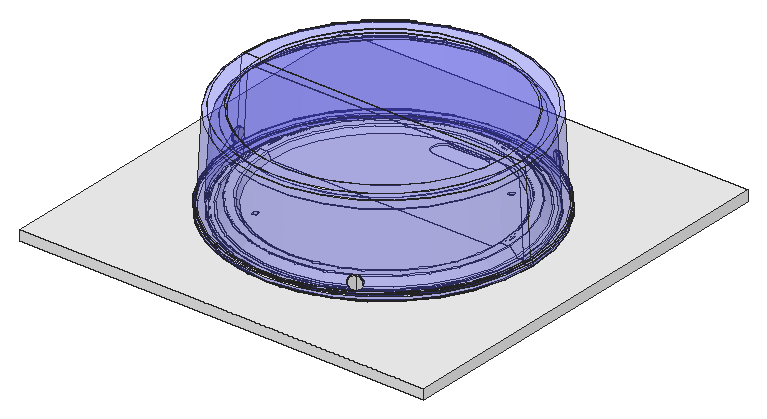
Revit family "BE_78635_de_DE", category Leuchten, Revit 2020
Family settings
  Basisbauteil = Fläche
  Bemaßung runder Anschluss = Durchmesser verwenden
  Teiletyp = Normal
  Beim Laden mit Abzugskörper schneiden = Ja
  Lichtquelle = Ja
  Gemeinsam genutzt = Nein
  Raumberechnungspunkt = Ja
Parameters (values of type "BEGA_78635_K3")
  built-in parameter 1150104 = 13.8 (stored number, unit not read)
  Wattage = 9.2903 W
  Default Elevation = 0 mm
  built-in parameter 1150113 = 1 (stored number, unit not read)
  built-in parameter 1114218 = 1 (stored number, unit not read)
  Umgebungstemperatur = "25 °C"
  URL = "http://www.bega.de/de/produkt/78635"
  Typenkommentare = "© 2022 BEGA. Wir behalten uns das Recht vor, technische Änderungen ohne vorherige Ankündigung vorzunehmen."  # constant formula
  built-in parameter 1150134 = (empty or 0)
  built-in parameter 1150109 = 1 (stored number, unit not read)
  Strom = ""
  built-in parameter 1150110 = 1 (stored number, unit not read)
  Spannung = 239.996 V
  Sonderanfertigung = no
  Sockeltyp = ""
  Sockelanzahl = ""
  Seriennummer [instance] = "Hier können Sie die eindeutige Seriennummer für das Facility Management eintragen."
  Schutzklasse = "I"
  Schutzart = "IP 20"
  Scheinlast = 0 VA
  Produktdatenblatt = "http://www.bega.de/download/Xrfa/db/78635.db.de.pdf"
  Oberflächentemperatur = ""
  Neigungswinkel = 0.00°
  Model = "78635K4"
  Material_17 = BEGA_Reflektor
  Material_15 = BEGA_Leuchtmedium_matt
  Material_11 = BEGA_Glas_opal
  Material_09 = BEGA_Glas_klar
  Material_06 = BEGA_Oberfläche_Edelstahl_gebürstet
  Material_05 = BEGA_Oberfläche_Aluminium Guss
  Material_03 = BEGA_Oberfläche_Weiss_matt
  Material_02 = BEGA_Oberfläche_Silber_matt
  Material_01 [instance] = BEGA_Oberfläche_Grafit_matt
  M_W = no
  M_G = no
  M_A = no
  Logo = 0
  built-in parameter 1114217 = 1 (stored number, unit not read)
  built-in parameter 1150139 = (empty or 0)
  built-in parameter 1150105 = 109.82 (stored number, unit not read)
  built-in parameter 1150114 = 1 (stored number, unit not read)
  Lumens = 1380 lm
  built-in parameter 1150115 = 1 (stored number, unit not read)
  Leuchtenlichtstrom = "1226 lm"
  Leuchtenanzahl = ""
  Lebensdauerkriterien = "L70B50 @ 25 °C = 500000 h"
  Lastklassifizierung = Beleuchtung
  built-in parameter 1150112 = 1 (stored number, unit not read)
  Lampenlichtstrom = "2000 lm"
  Lampe = "LED 11.6 W"
  LED_Modulbezeichnung = "4x LED-0293/940"
  built-in parameter 1150142 = (empty or 0)
  Hersteller = "BEGA"  # constant formula
  Halbstreuwinkel = ""
  Gewicht = "3.5 kg"
  Gebrauchslageneinschränkung [instance] = ""
  Frequenz = "0/50-60 Hz"
  Farbwiedergabeindex = "CRI > 90"
  Farbtemperaturverschiebung bei Dämpfen der Lampe = <Keine Auswahl>
  Farbtemperatur = "4000 K"
  Color Filter = 16777215
  built-in parameter 1150133 = 10 (stored number, unit not read)
  Energieeffizienzklasse = "LED A++ - A"
  built-in parameter 1150137 = (empty or 0)
  built-in parameter 1150132 = (empty or 0)
  ENEC = "ja"
  Dimmbar [instance] = ""
  Photometric Web File = "BE_78635K4.IES"
  CE_Konformität = "ja"
  Bestellnummer = "78635K4"
  Beschreibung_Sonderanfertigung = "Hier können Sie Informationen zur Sonderanfertigung eintragen."
  Beschreibung = "Decken- und Wandleuchte"
  built-in parameter 1150106 = 1.0982 (stored number, unit not read)
  Befestigungsbohrung = "Ø 5,5 mm"
  Befestigungsabstand = "200 mm"
  Ballwurfsicher = ""
  BEGA_Intern_aus = yes
  BEGA_Intern_an = yes
  BEGA_Intern_Konstruktion = yes
  BEGA_Intern = yes
  BEGA_IES = yes
  BEGA_Dummy = no
  Anschlussleitung = ""
  Anschlussleistung [instance] = "13.6 W"
  Anschlusskasten = ""
  built-in parameter 1150107 = 3000 (stored number, unit not read)
  built-in parameter 1150102 = (empty or 0)
  built-in parameter 1150138 = (empty or 0)
  Aktualisierung = "2019-07-08T04:00:12"
  Abstand_zur_angestrahlten_Fläche [instance] = ""
  AC/DC = "AC/DC"
Reference planes
  plane 1 "Mitte (Vorne/Hinten)": y = 0
  plane 2: z = 0
  plane 3 "Mitte (Links/Rechts)": x = 0
  plane 4 "Links": x = -148
  plane 5 "Rechts": x = 148
  plane 6 "Unten": y = -148
  plane 7 "Oben": y = 148
  plane 8 "Vorne": z = 91.25
  plane 9 "Hinten": z = 0
Forms (mm)
  Extrusion 1, solid, material "BEGA_Platte_Weiss"
    sketch origin (0, -1119.2, 0) x (1, 0, 0) y (0, 1, 0)
      loop
        line (-200, 1319.2) -> (-200, 919.2) -> (200, 919.2) -> (200, 1319.2) -> (-200, 1319.2)
    from 0 to -10
  Extrusion 2, solid, material "BEGA_Dummy_matt", visible <- "BEGA_Dummy"
    sketch origin (77.149, -76.023, 0) x (1, 0, 0) y (0, 1, 0)
      loop
        circle (-77.149, 76.023) r 148
    from 0 to 91.25
Dimensions and locks
  plane 1 "Mitte (Vorne/Hinten)" to Extrusion 1 = 200 mm
  aligned and locked: plane 2 to Extrusion 1
  aligned and locked: level to Extrusion 1
Nested families
  nested 1: "BE_78635" at (0, 0, 0), type "BE_78635"
Connectors
  electrical at (0, 0, 0), driven by "Lastklassifizierung", driven by "Spannung", driven by "Scheinlast"
    settings: index 1, voltage 239.996 V, apparent load 0 VA, apparent load phase1 0 VA, apparent load phase2 0 VA, apparent load phase3 0 VA, power factor 1, load classification "Beleuchtung", number of poles 1, system type 31, power factor state 1, is connector primary yes, connector utility no, sub classification motor no, connector description ""
Definition of nested family "BE_78635"
  Parameters (values of type "BE_78635")
    Default Elevation = 1 mm
    URL = "http://www.bega.de/de/produkt"
    Type Comments = "© 2015 BEGA. Wir behalten uns das Recht vor, technische Änderungen ohne vorherige Ankündigung vorzunehmen. "  # constant formula
    Type Image = (empty or 0)
    Neigungswinkel_um_Z2 = 0.00°
    Neigungswinkel_um_Z1 = 0.00°
    Neigungswinkel_um_Y2 = 0.00°
    Neigungswinkel_um_Y1 = 0.00°
    Neigungswinkel_um_X2 = 0.00°
    Neigungswinkel_um_X1 = 0.00°
    Material_17 = none
    Material_15 = none
    Material_11 = none
    Material_09 = none
    Material_06 = none
    Material_05 = none
    Material_03 = none
    Material_02 = none
    Material_01 = none
    M_W = yes
    M_G = yes
    M_A = yes
    Länge_Platte = 400 mm  # constant formula
    Höhe_Platte = -10 mm  # constant formula
    Manufacturer = "BEGA"  # constant formula
    Drehwinkel_um_Z2 = 0.00°
    Drehwinkel_um_Z1 = 0.00°
    Breite_Platte = 400 mm  # constant formula
  Reference planes
    plane 1 "Mitte (Oben/Unten)": y = 0
    plane 2: z = 0
    plane 3 "Mitte (Links/Rechts)": x = 0
    plane 4: x = -148
    plane 5: z = 91.25
    plane 6: x = 148
    plane 7: y = -148
    plane 8: y = 148
  Forms (mm)
    Extrusion 1, solid, detail levels medium
      sketch origin (0, 0, 0) x (1, 0, 0) y (0, 1, 0)
        loop
          line (-200, 200) -> (-200, -200) -> (200, -200) -> (200, 200) -> (-200, 200)
      from 0 to -10 <- "Höhe_Platte"
    Revolve 2, solid, material <- "Material_03", detail levels medium+fine
      sketch origin (0, 0, 0) x (1, 0, 0) y (0, 0, 1)
        loop
          line (-144.5, 0) -> (-138.368, 0)
          arc (-138.368, 0) -> (-136.707, 0.733) -> (-136.116, 2.455) r 2.25
          arc (-136.116, 2.455) -> (-135.987, 2.837) -> (-135.618, 3) r 0.5
          line (-135.618, 3) -> (-131.735, 3)
          arc (-131.735, 3) -> (-130.42, 3.282) -> (-129.331, 4.072) r 3.25
          line (-129.331, 4.072) -> (-123.768, 10.25) -> (-115.701, 10.25) -> (-113.002, 5.172)
          arc (-113.002, 5.172) -> (-112.359, 4.498) -> (-111.461, 4.25) r 1.749
          line (-111.461, 4.25) -> (0, 4.25) -> (0, 5.5) -> (-111.76, 5.5) -> (-114.458, 10.572)
          arc (-114.458, 10.572) -> (-115.102, 11.25) -> (-116.003, 11.5) r 1.75
          line (-116.003, 11.5) -> (-123.766, 11.5)
          arc (-123.766, 11.5) -> (-124.276, 11.392) -> (-124.698, 11.085) r 1.254
          line (-124.698, 11.085) -> (-130.252, 4.917)
          arc (-130.252, 4.917) -> (-130.923, 4.426) -> (-131.735, 4.25) r 2
          line (-131.735, 4.25) -> (-135.618, 4.25)
          arc (-135.618, 4.25) -> (-136.91, 3.68) -> (-137.372, 2.341) r 1.75
          arc (-137.372, 2.341) -> (-137.629, 1.576) -> (-138.367, 1.25) r 1
          line (-138.367, 1.25) -> (-144.5, 1.25) -> (-144.5, 0)
        axis (0, 0) -> (0, 11.5)
      angle from 0 to 360
    Revolve 3, solid, material <- "Material_11", detail levels medium+fine
      sketch origin (0, 0, 0) x (1, 0, 0) y (0, 0, 1)
        loop
          line (0, 89.25) -> (-121, 89.25) -> (-123, 91.25) -> (-136.8, 91.25)
          arc (-136.8, 91.25) -> (-139.529, 90.175) -> (-140.791, 87.529) r 4
          line (-140.791, 87.529) -> (-144.95, 8.168)
          arc (-144.95, 8.168) -> (-145.26, 7.495) -> (-145.949, 7.22) r 1
          line (-145.949, 7.22) -> (-147, 7.22)
          arc (-147, 7.22) -> (-147.707, 6.927) -> (-148, 6.22) r 1
          line (-148, 6.22) -> (-148, 2.22)
          arc (-148, 2.22) -> (-147.707, 1.513) -> (-147, 1.22) r 1
          line (-147, 1.22) -> (-138.5, 1.22) -> (-138.5, 6.22) -> (-134.241, 75.853)
          arc (-134.241, 75.853) -> (-132, 80.407) -> (-127.272, 82.25) r 7
          line (-127.272, 82.25) -> (0, 82.25) -> (0, 89.25)
        axis (0, 1.22) -> (0, 91.25)
      angle from 0 to 360
    Revolve 4, void
      sketch origin (0, 0, 0) x (1, 0, 0) y (0, 0, 1)
        loop
          line (-145.377, 16.294) -> (-143.53, 16.198) -> (-143.203, 22.439) -> (-144.994, 23.603) -> (-145.377, 16.294)
        axis (-145.377, 16.294) -> (-143.53, 16.198)
      angle from 0 to 360
    Revolve 5, solid, material <- "Material_06", detail levels fine
      sketch origin (0, 0, 0) x (1, 0, 0) y (0, 0, 1)
        loop
          line (-145.777, 16.315) -> (-143.53, 16.198) -> (-143.216, 22.189) -> (-145.463, 22.307) -> (-145.777, 16.315)
        axis (-145.777, 16.315) -> (-143.53, 16.198)
      angle from 0 to 360
    Extrusion 6, void
      sketch origin (0, 0, 0) x (1, 0, 0) y (0, 1, 0)
        loop
          arc (-17.566, 105) -> (-27.566, 95) -> (-17.566, 85) r 10
          line (-17.566, 85) -> (16.434, 85)
          arc (16.434, 85) -> (26.434, 95) -> (16.434, 105) r 10
          line (16.434, 105) -> (-17.566, 105)
        loop
          circle (-67.559, -73.728) r 2.75
        loop
          circle (67.559, 73.728) r 2.75
      from 0 to 8.953
    Revolve 7, void
      sketch origin (0, 0, 0) x (-0.5, -0.866025, 0) y (0, 0, 1)
        loop
          line (-145.377, 16.294) -> (-143.53, 16.198) -> (-143.203, 22.439) -> (-144.994, 23.603) -> (-145.377, 16.294)
        axis (-145.377, 16.294) -> (-143.53, 16.198)
      angle from 0 to 360
    Revolve 8, void
      sketch origin (0, 0, 0) x (-0.5, 0.866025, 0) y (0, 0, 1)
        loop
          line (-145.377, 16.294) -> (-143.53, 16.198) -> (-143.203, 22.439) -> (-144.994, 23.603) -> (-145.377, 16.294)
        axis (-145.377, 16.294) -> (-143.53, 16.198)
      angle from 0 to 360
    Revolve 9, solid, material <- "Material_06", detail levels fine
      sketch origin (0, 0, 0) x (-0.5, -0.866025, 0) y (0, 0, 1)
        loop
          line (-145.777, 16.315) -> (-143.53, 16.198) -> (-143.216, 22.189) -> (-145.463, 22.307) -> (-145.777, 16.315)
        axis (-145.777, 16.315) -> (-143.53, 16.198)
      angle from 0 to 360
    Revolve 10, solid, material <- "Material_06", detail levels fine
      sketch origin (0, 0, 0) x (-0.5, 0.866025, 0) y (0, 0, 1)
        loop
          line (-145.777, 16.315) -> (-143.53, 16.198) -> (-143.216, 22.189) -> (-145.463, 22.307) -> (-145.777, 16.315)
        axis (-145.777, 16.315) -> (-143.53, 16.198)
      angle from 0 to 360
  Cuts and joins
    Revolve 4, Revolve 7, Revolve 8 cuts Revolve 3
    Extrusion 6 cuts Revolve 2
  Dimensions and locks
    equal spacing: Extrusion 1 sketch curve, plane 3 "Mitte (Links/Rechts)", Extrusion 1 sketch curve
    equal spacing: Extrusion 1 sketch curve, plane 1 "Mitte (Oben/Unten)", Extrusion 1 sketch curve
    "Länge_Platte": Extrusion 1 sketch curve to Extrusion 1 sketch curve
    "Breite_Platte": Extrusion 1 sketch curve to Extrusion 1 sketch curve
    aligned and locked: Extrusion 1 to plane 2
    aligned and locked: level to Extrusion 1
  Automatic sketch dimensions
    Revolve 2 sketch curve to plane 3 "Mitte (Links/Rechts)" = 0 mm  (x2)
    Revolve 2 sketch curve to Revolve 2 sketch curve = 0.002 mm  (x2)
    Revolve 2 sketch curve to Revolve 2 sketch curve = 0.922 mm
    Revolve 2 sketch curve to Revolve 2 sketch curve = 1.483 mm
    Revolve 2 sketch curve to Revolve 2 sketch curve = 0 mm  (x12)
    Revolve 2 sketch curve to Revolve 2 sketch curve = 1.491 mm
    Revolve 2 sketch curve to Revolve 2 sketch curve = 3.883 mm
    level to Revolve 2 sketch curve = 1.25 mm
    Revolve 2 sketch curve to Revolve 2 sketch curve = 2.749 mm
    level to Revolve 2 sketch curve = 0 mm
    Revolve 2 sketch curve to Revolve 2 sketch curve = 0.001 mm  (x2)
    Revolve 2 sketch curve to Revolve 2 sketch curve = 6.132 mm
    Revolve 2 sketch curve to Revolve 2 sketch curve = 1 mm
    level to Revolve 2 sketch curve = 2.5 mm
    Revolve 2 sketch curve to Revolve 2 sketch curve = 0.5 mm  (x2)
    Revolve 2 sketch curve to Revolve 2 sketch curve = 1.072 mm
    Revolve 2 sketch curve to Revolve 2 sketch curve = 1.25 mm  (x2)
    Revolve 2 sketch curve to Revolve 2 sketch curve = 0.845 mm
    Revolve 2 sketch curve to Revolve 2 sketch curve = 0.496 mm
    Revolve 2 sketch curve to Revolve 2 sketch curve = 0.004 mm
    Revolve 2 sketch curve to Revolve 2 sketch curve = 1.242 mm
    Revolve 2 sketch curve to Revolve 2 sketch curve = 1.243 mm
    Revolve 2 sketch curve to Revolve 2 sketch curve = 0.932 mm
    Revolve 2 sketch curve to Revolve 2 sketch curve = 0.498 mm
    Revolve 2 sketch curve to Revolve 2 sketch curve = 0.011 mm  (x2)
    Revolve 2 sketch curve to Revolve 2 sketch curve = 1.007 mm
    Revolve 2 sketch curve to Revolve 2 sketch curve = 1.849 mm
    Revolve 2 sketch curve to Revolve 2 sketch curve = 1.902 mm
    Revolve 2 sketch curve to Revolve 2 sketch curve = 0.415 mm
    level to Revolve 2 sketch curve = 4.25 mm
    Revolve 2 sketch curve to Revolve 2 sketch curve = 3.001 mm
    Revolve 2 sketch curve to Revolve 2 sketch curve = 0.302 mm
    Revolve 2 sketch curve to Revolve 2 sketch curve = 4.25 mm
    Revolve 2 sketch curve to Revolve 2 sketch curve = 0.328 mm
    Revolve 2 sketch curve to Revolve 2 sketch curve = 0.299 mm
    Extrusion 6 sketch curve to plane 3 "Mitte (Links/Rechts)" = 17.566 mm
    Extrusion 6 sketch curve to Extrusion 6 sketch curve = 10 mm  (x2)
    Extrusion 6 sketch curve to Extrusion 6 sketch curve = 0 mm  (x3)
    plane 3 "Mitte (Links/Rechts)" to Extrusion 6 sketch curve = 16.434 mm  (x2)
    Revolve 3 sketch curve to plane 3 "Mitte (Links/Rechts)" = 0 mm  (x2)
    Revolve 3 sketch curve to Revolve 3 sketch curve = 6.974 mm
    Revolve 3 sketch curve to Revolve 3 sketch curve = 9.528 mm
    level to Revolve 3 sketch curve = 6.22 mm
    Revolve 3 sketch curve to Revolve 3 sketch curve = 3.99 mm
    Revolve 3 sketch curve to Revolve 3 sketch curve = 7.449 mm
    level to Revolve 3 sketch curve = 2.22 mm
    Revolve 3 sketch curve to Revolve 3 sketch curve = 1.051 mm  (x2)
    Revolve 3 sketch curve to Revolve 3 sketch curve = 1 mm  (x2)
    Revolve 3 sketch curve to Revolve 3 sketch curve = 4 mm
    Revolve 3 sketch curve to Revolve 3 sketch curve = 0.603 mm
    level to Revolve 3 sketch curve = 8.168 mm
    Revolve 3 sketch curve to Revolve 3 sketch curve = 0.999 mm
    Revolve 3 sketch curve to Revolve 3 sketch curve = 0 mm  (x2)
    Revolve 3 sketch curve to Revolve 3 sketch curve = 12.322 mm
    Revolve 4 sketch curve to Revolve 4 sketch curve = 0.327 mm
    Revolve 4 sketch curve to Revolve 4 sketch curve = 1.792 mm
    Revolve 4 sketch curve to Revolve 4 sketch curve = 1.848 mm
    Revolve 4 sketch curve to Revolve 4 sketch curve = 6.241 mm
    Revolve 4 sketch curve to Revolve 4 sketch curve = 0.097 mm
    Revolve 4 sketch curve to Revolve 4 sketch curve = 1.163 mm
    Revolve 4 sketch curve to Revolve 4 sketch curve = 2.845 mm
    Revolve 4 sketch curve to Revolve 4 sketch curve = 10.692 mm
    Revolve 4 sketch curve to Revolve 4 sketch curve = 0.56 mm
    Revolve 4 sketch curve to Revolve 4 sketch curve = 0.149 mm
    Revolve 7 sketch curve to Revolve 7 sketch curve = 0.327 mm
    Revolve 7 sketch curve to Revolve 7 sketch curve = 1.792 mm
    Revolve 7 sketch curve to Revolve 7 sketch curve = 1.848 mm
    Revolve 7 sketch curve to Revolve 7 sketch curve = 6.241 mm
    Revolve 7 sketch curve to Revolve 7 sketch curve = 0.097 mm
    Revolve 7 sketch curve to Revolve 7 sketch curve = 1.163 mm
    Revolve 7 sketch curve to Revolve 7 sketch curve = 2.845 mm
    Revolve 7 sketch curve to Revolve 7 sketch curve = 10.692 mm
    Revolve 7 sketch curve to Revolve 7 sketch curve = 0.56 mm
    Revolve 7 sketch curve to Revolve 7 sketch curve = 0.149 mm
    Revolve 8 sketch curve to Revolve 8 sketch curve = 0.327 mm
    Revolve 8 sketch curve to Revolve 8 sketch curve = 1.792 mm
    Revolve 8 sketch curve to Revolve 8 sketch curve = 1.848 mm
    Revolve 8 sketch curve to Revolve 8 sketch curve = 6.241 mm
    Revolve 8 sketch curve to Revolve 8 sketch curve = 0.097 mm
    Revolve 8 sketch curve to Revolve 8 sketch curve = 1.163 mm
    Revolve 8 sketch curve to Revolve 8 sketch curve = 2.845 mm
    Revolve 8 sketch curve to Revolve 8 sketch curve = 10.692 mm
    Revolve 8 sketch curve to Revolve 8 sketch curve = 0.56 mm
    Revolve 8 sketch curve to Revolve 8 sketch curve = 0.149 mm
    level to Revolve 4 sketch curve = 16.198 mm
    level to Revolve 7 sketch curve = 16.294 mm
    level to Revolve 8 sketch curve = 16.294 mm
    Revolve 5 sketch curve to Revolve 5 sketch curve = 0.314 mm
    Revolve 5 sketch curve to Revolve 5 sketch curve = 2.247 mm  (x2)
    Revolve 5 sketch curve to Revolve 5 sketch curve = 0.118 mm  (x2)
    Revolve 5 sketch curve to Revolve 5 sketch curve = 2.445 mm
    Revolve 5 sketch curve to Revolve 5 sketch curve = 10.692 mm
    Revolve 5 sketch curve to Revolve 5 sketch curve = 0.56 mm
    Revolve 5 sketch curve to Revolve 5 sketch curve = 0.128 mm
    Revolve 9 sketch curve to Revolve 9 sketch curve = 0.314 mm
    Revolve 9 sketch curve to Revolve 9 sketch curve = 2.247 mm  (x2)
    Revolve 9 sketch curve to Revolve 9 sketch curve = 0.118 mm  (x2)
    Revolve 9 sketch curve to Revolve 9 sketch curve = 2.445 mm
    Revolve 9 sketch curve to Revolve 9 sketch curve = 10.692 mm
    Revolve 9 sketch curve to Revolve 9 sketch curve = 0.56 mm
    Revolve 9 sketch curve to Revolve 9 sketch curve = 0.128 mm
    Revolve 10 sketch curve to Revolve 10 sketch curve = 0.314 mm
    Revolve 10 sketch curve to Revolve 10 sketch curve = 2.247 mm  (x2)
    Revolve 10 sketch curve to Revolve 10 sketch curve = 0.118 mm  (x2)
    Revolve 10 sketch curve to Revolve 10 sketch curve = 2.445 mm
    Revolve 10 sketch curve to Revolve 10 sketch curve = 10.692 mm
    Revolve 10 sketch curve to Revolve 10 sketch curve = 0.56 mm
    Revolve 10 sketch curve to Revolve 10 sketch curve = 0.128 mm
    level to Revolve 5 sketch curve = 16.198 mm
    level to Revolve 9 sketch curve = 16.315 mm
    level to Revolve 10 sketch curve = 16.315 mm
    Revolve 2 sketch curve to Revolve 2 sketch curve = 111.461 mm
    Revolve 2 sketch curve to Revolve 2 sketch curve = 7.763 mm
    Revolve 2 sketch curve to Revolve 2 sketch curve = 5.565 mm
    Revolve 3 sketch curve to Revolve 3 sketch curve = 121 mm
    Revolve 3 sketch curve to Revolve 3 sketch curve = 2 mm  (x2)
    Revolve 3 sketch curve to Revolve 3 sketch curve = 6.267 mm
    Revolve 3 sketch curve to Revolve 3 sketch curve = 4.259 mm
    Revolve 4 sketch curve to plane 3 "Mitte (Links/Rechts)" = 145.377 mm
    Revolve 5 sketch curve to plane 3 "Mitte (Links/Rechts)" = 145.777 mm
    level to Revolve 3 sketch curve = 87.529 mm
    Revolve 3 sketch curve to Revolve 3 sketch curve = 6.55 mm
    Revolve 3 sketch curve to Revolve 3 sketch curve = 12.279 mm
    Revolve 3 sketch curve to Revolve 3 sketch curve = 0.279 mm
    Extrusion 6 sketch curve to plane 3 "Mitte (Links/Rechts)" = 67.559 mm
    Extrusion 6 sketch curve to Extrusion 6 sketch curve = 51.125 mm
    plane 1 "Mitte (Oben/Unten)" to Extrusion 6 sketch curve = 73.728 mm
    Extrusion 6 sketch curve to plane 1 "Mitte (Oben/Unten)" = 73.728 mm
    Extrusion 6 sketch curve to plane 1 "Mitte (Oben/Unten)" = 85 mm
    radius of Extrusion 6 sketch curve = 2.75 mm  (x2)
